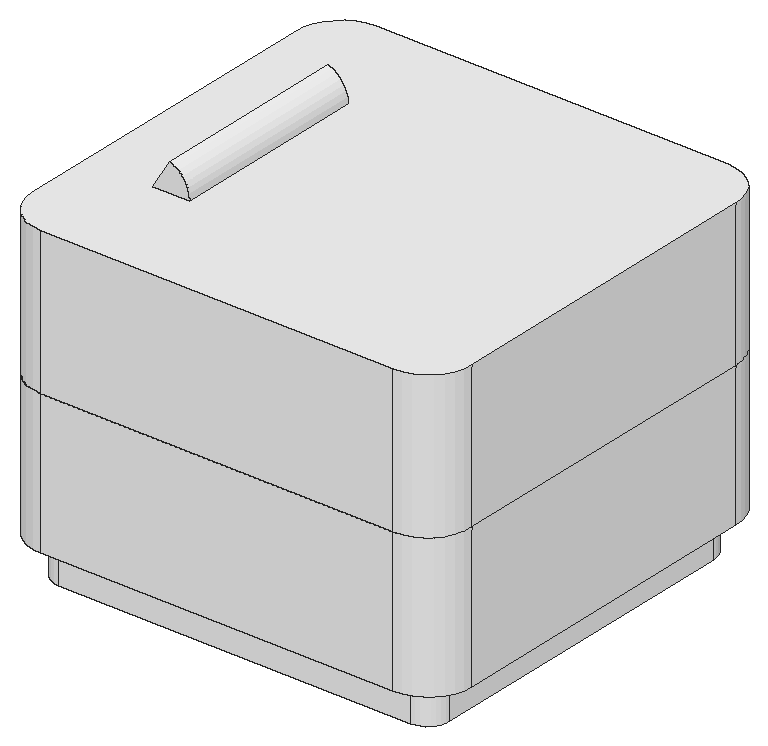
Revit family "Gira_044930", category Electrical Fixtures, host Face, Revit 2017
Family settings
  Host = Face
  Maintain Annotation Orientation = Yes
  Round Connector Dimension = Use Diameter
  Part Type = Normal
  Cut with Voids When Loaded = No
  Shared = No
  Room Calculation Point = No
Parameters (values of type "SCHUKO KD Schloss gleich + BSF WG AP Grau")
  Überspannungsschutz = "No"
  Werkstoffgüte = "sonstige"
  Werkstoff = "sonstige"
  Verdrehter Zentraleinsatz = "No"
  URL = "http://katalog.gira.de/de_DE/datenblatt.html?artikelnr=044930"
  Transparent = "No"
  Textfeld/Beschriftungsfläche = "Yes"
  Sonderstromversorgung = "ohne Sonderstromversorgung"
  Schutzleiterkontakt rund = "No"
  Schutzkontakt = "Yes"
  Region = "DE"
  Oberfläche = "sonstige"
  Nennstrom = "16 Ampere"
  Nennspannung = "250 Volt"
  Name = "SCHUKO KD Schloss gleich + BSF WG AP Grau"
  Montageart = "auf Putz"
  Mit erhöhtem Berührungsschutz = "No"
  Mit eingebauter USB-Spannungsversorgung = "No"
  Mit Signallampe = "No"
  Mit Orientierungsbeleuchtung = "No"
  Mit Klappdeckel = "Yes"
  Mit Funktionsbeleuchtung = "No"
  Mit Feinsicherung = "No"
  Mit Ein-/Ausschalter = "No"
  Mit Durchschleiffunktion = "No"
  Manufacturer URL = "https://www.gira.de/"
  Keynote = "IP44_Komplettgerät_Steckdose"
  Isolierter Einbau = "No"
  HeinzeBIM = "https://bimportal.heinze.de/bim/schuko-kd-schloss-gleich-bsf-wg-ap-grau/4d51560096ac040e3c5bb2702e8b3ae179771d52"
  Halogenfrei = "No"
  HAN = "044930"
  Geeignet für Schutzart (IP) = "IP20"
  GTIN = "4010337449300"
  Für "erschwerte Bedingungen" (nach VDE) = "No"
  Fehlerstromschutz = "No"
  Farbe = "grau"
  Default Elevation = 1219.2 mm
  Data sheet (1) = "https://katalog.gira.de/de_DE/download.html?artikelnr=044930"
  Category = "Steckdose"
  Befestigungsart = "Krallen-/Schraubbefestigung"
  Available = "Yes"
  Auswurfmechanismus = "No"
  Ausführung = "Schuko"
  Aufdruck/Kennzeichnung = "ohne Aufdruck"
  Anzahl der Steckdosen schaltbar = "0 "
  Anzahl der Module (bei Modulbauweise) = "1 "
  Anzahl der Einheiten = "1 "
  Antibakterielle Behandlung = "No"
  Anschlussart = "Steckklemme"
  Abschließbar = "Yes"
Reference planes
  plane 1 "Center (Front/Back)": y = 0
  plane 2: z = 0
  plane 3 "Center (Left/Right)": x = 0
Forms (mm)
  Extrusion 1, solid, material "White", detail levels fine
    sketch origin (41, 0, 0) x (1, 0, 0) y (0, 1, 0)
      loop
        line (-9, 38) -> (-73, 38)
        arc (-73, 38) -> (-78.657, 35.657) -> (-81, 30) r 8
        line (-81, 30) -> (-81, -30)
        arc (-81, -30) -> (-78.657, -35.657) -> (-73, -38) r 8
        line (-73, -38) -> (-9, -38)
        arc (-9, -38) -> (-3.343, -35.657) -> (-1, -30) r 8
        line (-1, -30) -> (-1, 30)
        arc (-1, 30) -> (-3.343, 35.657) -> (-9, 38) r 8
    from 0 to 26
  Extrusion 2, solid, material "White", detail levels fine
    sketch origin (41, 0, 0) x (1, 0, 0) y (0, 1, 0)
      loop
        line (-9, 38) -> (-73, 38)
        arc (-73, 38) -> (-78.657, 35.657) -> (-81, 30) r 8
        line (-81, 30) -> (-81, -30)
        arc (-81, -30) -> (-78.657, -35.657) -> (-73, -38) r 8
        line (-73, -38) -> (-9, -38)
        arc (-9, -38) -> (-3.343, -35.657) -> (-1, -30) r 8
        line (-1, -30) -> (-1, 30)
        arc (-1, 30) -> (-3.343, 35.657) -> (-9, 38) r 8
    from 26 to 52.5
  Extrusion 3, solid, material "White", detail levels fine
    sketch origin (41, 0, 0) x (1, 0, 0) y (0, 0, 1)
      loop
        line (-68.7, 52.5) -> (-62.067, 52.5)
        arc (-62.067, 52.5) -> (-63.019, 55.628) -> (-65.7, 57.5) r 5
        line (-65.7, 57.5) -> (-68.7, 52.5)
    from 18 to -18
  Extrusion 4, solid, material "White", detail levels medium
    sketch origin (41, -5.734, 0) x (1, 0, 0) y (0, 1, 0)
      loop
        line (-9, 43.734) -> (-73, 43.734)
        arc (-73, 43.734) -> (-78.657, 41.391) -> (-81, 35.734) r 8
        line (-81, 35.734) -> (-81, -24.266)
        arc (-81, -24.266) -> (-78.657, -29.923) -> (-73, -32.266) r 8
        line (-73, -32.266) -> (-9, -32.266)
        arc (-9, -32.266) -> (-3.343, -29.923) -> (-1, -24.266) r 8
        line (-1, -24.266) -> (-1, 35.734)
        arc (-1, 35.734) -> (-3.343, 41.391) -> (-9, 43.734) r 8
    from 0 to 52.5
  Extrusion 5, solid, material "White", detail levels medium
    sketch origin (41, 0, 0) x (1, 0, 0) y (0, 0, 1)
      loop
        line (-68.7, 57.5) -> (-68.7, 52.5) -> (-62.067, 52.5) -> (-62.067, 57.5) -> (-68.7, 57.5)
    from -18 to 18
  Extrusion 6, solid, material "White", detail levels coarse
    sketch origin (41, 0, 0) x (1, 0, 0) y (0, 1, 0)
      loop
        line (-1, 38) -> (-81, 38) -> (-81, -38) -> (-1, -38) -> (-1, 38)
    from -7 to 57.5
  Extrusion 7, solid, material "White", detail levels medium+fine
    sketch origin (41, 0, 0) x (1, 0, 0) y (0, 1, 0)
      loop
        line (-9, 34) -> (-73, 34)
        arc (-73, 34) -> (-75.828, 32.828) -> (-77, 30) r 4
        line (-77, 30) -> (-77, -30)
        arc (-77, -30) -> (-75.828, -32.828) -> (-73, -34) r 4
        line (-73, -34) -> (-9, -34)
        arc (-9, -34) -> (-6.172, -32.828) -> (-5, -30) r 4
        line (-5, -30) -> (-5, 30)
        arc (-5, 30) -> (-6.172, 32.828) -> (-9, 34) r 4
    from 0 to -7
Dimensions and locks
  Extrusion 6 to plane 3 "Center (Left/Right)" to Extrusion 6 = 40 mm, 40 mm
  aligned and locked: plane 2 to host face
  aligned and locked: level to host face
  aligned and locked: plane 3 "Center (Left/Right)" to nested 1
  aligned and locked: plane 1 "Center (Front/Back)" to nested 1
Nested families
  nested 1: "Steckdose 1-fach Beschriftung" at (0, 0, 0), type "Steckdose 1-fach Beschriftung"
Connectors
  electrical at (0, 0, -7)
    settings: on Extrusion 7, index 1, voltage 220 V, apparent load 0 VA, apparent load phase1 0 VA, apparent load phase2 0 VA, apparent load phase3 0 VA, power factor 1, load classification "Other", number of poles 1, system type 31, power factor state 1, is connector primary yes, connector utility no, sub classification motor no, connector description ""
Definition of nested family "Steckdose 1-fach Beschriftung"
  Reference planes
    plane 1: y = 0
    plane 2: x = 0
  Lines and regions (mm)
    detail lines
      curve 1: line (0, 0, 0) -> (0, 2, 0)
      curve 3: line (0, 2, 0) -> (-1, 2, 0)
      curve 4: arc (1, 3, 0) -> (0, 2, 0) -> (-1, 3, 0) r 1
      curve 5: line (0, 2, 0) -> (1, 2, 0)
    reference lines
      curve 2: line (-0.485, 3, 0) -> (2.315, 3, 0)
  Dimensions and locks
    curve 1 to curve 1 = 2 mm
    plane 1 to curve 2 = 3 mm
    curve 3 to curve 3 = 1 mm
